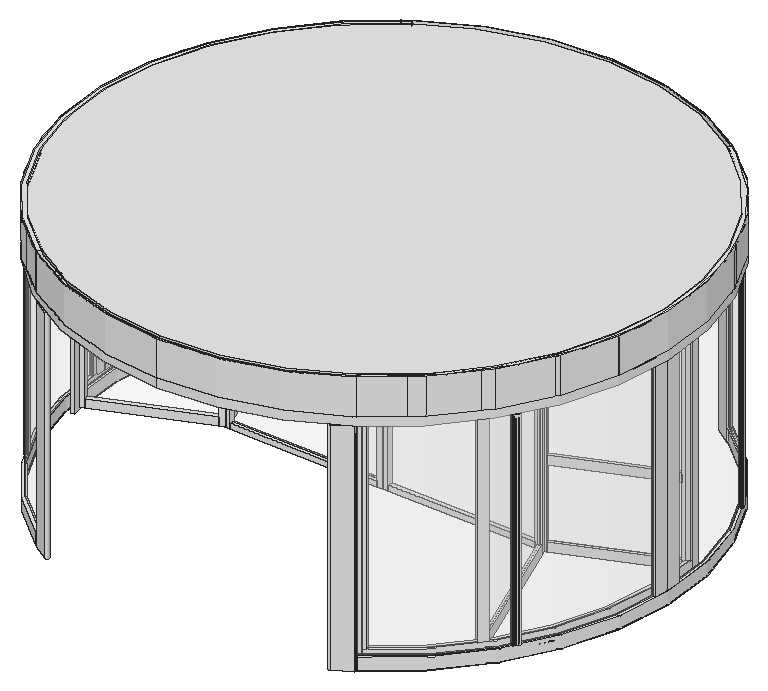
Revit family "Assa-Abloy_ Revolving_UniTurn", category Doors, host Wall, Revit 2019 (continued)
Forms (mm)
  Extrusion 47, solid, material "Besam-Glass Clear" <- "Door Glass Material"
    from 52 to 2117.1
  Sweep 48, solid, material "Besam-Anodized Aluminium" <- "Door Frame Material"
    path origin (-2708.486, -300, 800) x (-1, 0, 0) y (0, -1, 0)
      loop
        line (-184.16, 136.691) -> (-1139.182, -278.247)
    profile "Rec : Rec" origin (-2046.815, -229.222, 800) x (-0.398493, 0.917171, 0) y (0, 0, 1)
      loop
        line (-20, 80) -> (-20, 0) -> (20, 0) -> (20, 80) -> (-20, 80)
  Sweep 49, solid, material "Besam-Anodized Aluminium" <- "Door Frame Material"
    path origin (-2708.486, -300, 800) x (-1, 0, 0) y (0, -1, 0)
      loop
        line (-5230.342, -735.618) -> (-4264.411, -315.94)
    profile "Rec : Rec" origin (2038.89, 225.779, 800) x (0.398493, -0.917171, 0) y (0, 0, 1)
      loop
        line (-20, 80) -> (-20, 0) -> (20, 0) -> (20, 80) -> (-20, 80)
Lines and regions (mm)
  Opening 1
    outline origin (-5000, -24.05, 0) x (1, 0, 0) y (0, 0, 1)
      loop
        line (2259.975, 2540) -> (2259.975, 0) -> (7740.025, 0) -> (7740.025, 2540) -> (2259.975, 2540)
  reference lines
    curve 1: line (0, 0, 0) -> (-1519.238, 0, 0)
    curve 2: line (0, 0, 0) -> (1519.237, 0, 0)
    curve 4: line (0, 0, 0) -> (-2335.124, 1348.184, 0)
    curve 5: line (0, 0, 0) -> (-2696.369, 0, 0)
    curve 6: line (0, 0, 0) -> (-2335.124, -1348.184, 0)
    curve 7: line (0, 0, 0) -> (2696.369, 0, 0)
    curve 8: line (0, 0, 0) -> (2335.124, 1348.184, 0)
    curve 9: line (0, 0, 0) -> (2335.124, -1348.184, 0)
    curve 10: line (0, 0, 0) -> (-1398.804, -2305.158, 0)
    curve 11: line (0, 0, 0) -> (1398.804, 2305.158, 0)
    curve 12: line (0, 0, 0) -> (-1398.804, 2305.158, 0)
    curve 13: line (0, 0, 0) -> (1398.804, -2305.158, 0)
    curve 16: line (-1519.238, 0, 0) -> (0, 0, 0)
    curve 17: line (1519.237, 0, 0) -> (0, 0, 0)
    curve 18: line (0, 0, 0) -> (-1489.216, 2126.821, 0)
    curve 19: line (0, 0, 0) -> (-2556.924, -450.855, 0)
    curve 20: line (0, 0, 0) -> (-2126.821, 1489.216, 0)
    curve 21: line (-1519.238, 0, 0) -> (-2130.917, 1492.084, 0)
    curve 22: line (-2556.924, -450.855, 0) -> (-1519.238, 0, 0)
    curve 23: line (0, 0, 0) -> (2556.924, 450.855, 0)
    curve 24: line (0, 0, 0) -> (1489.216, -2126.821, 0)
    curve 25: line (0, 0, 0) -> (2126.821, -1489.216, 0)
    curve 26: line (2556.924, 450.855, 0) -> (1519.237, 0, 0)
    curve 27: line (1519.237, 0, 0) -> (2126.821, -1489.216, 0)
  sketch lines
    curve 3: arc (-1519.238, 2227.627, 124.377) -> (-2696.369, 0, 124.377) -> (-1519.238, -2227.627, 124.377) r 2696.369
    curve 14: arc (0, 2739.231, 2540) -> (2739.231, 0, 2540) -> (0, -2739.231, 2540) r 2739.231
    curve 15: arc (0, -2739.231, 2540) -> (-2739.231, 0, 2540) -> (0, 2739.231, 2540) r 2739.231
  symbolic lines
    curve 28: arc (0, 2739.231, 2540) -> (-2739.231, 0, 2540) -> (0, -2739.231, 2540) r 2739.231
    curve 29: arc (-1374.066, 2366.065, 2117.1) -> (-1453.387, 2318.326, 2117.1) -> (-1530.206, 2266.657, 2117.1) r 1840
    curve 30: arc (-1530.206, 2266.657, 2117.1) -> (-1534.758, 2259.775, 2117.1) -> (-1533.494, 2251.621, 2117.1) r 11.435
    curve 31: line (-1533.494, 2251.621, 2117.1) -> (-1526.698, 2242.171, 2117.1)
    curve 32: arc (-1526.698, 2242.171, 2117.1) -> (-1524.974, 2243.29, 2117.1) -> (-1523.248, 2244.408, 2117.1) r 1818
    curve 33: line (-1523.248, 2244.408, 2117.1) -> (-1517.695, 2236.686, 2117.1)
    curve 34: arc (-1517.695, 2236.686, 2117.1) -> (-1519.421, 2235.569, 2117.1) -> (-1521.145, 2234.45, 2117.1) r 1808.5
    curve 35: line (-1521.145, 2234.45, 2117.1) -> (-1516.167, 2227.527, 2117.1)
    curve 36: arc (-1516.167, 2227.527, 2117.1) -> (-1437.088, 2281.271, 2117.1) -> (-1355.267, 2330.741, 2117.1) r 1800
    curve 37: arc (-1355.267, 2330.741, 2117.1) -> (-1346.992, 2357.809, 2117.1) -> (-1374.066, 2366.065, 2117.1) r 20.008
    curve 38: line (-1543.835, 2263.694, 2484.289) -> (-1426.27, 2091.311, 2484.289)
    curve 39: arc (-1543.835, 2263.694, 2484.289) -> (-2740.025, 0, 2484.289) -> (-1543.835, -2263.694, 2484.289) r 2740.025
    curve 40: arc (-1426.27, 2091.311, 2484.289) -> (-2531.369, 0, 2484.289) -> (-1426.27, -2091.311, 2484.289) r 2531.369
    curve 41: line (-1543.835, -2263.694, 2484.289) -> (-1426.27, -2091.311, 2484.289)
    curve 42: line (-1541.775, 2260.673, 111.455) -> (-1519.238, 2227.627, 111.455)
    curve 43: arc (-1541.775, 2260.673, 111.455) -> (-2736.369, 0, 111.455) -> (-1541.775, -2260.673, 111.455) r 2736.369
    curve 44: line (-1541.775, -2260.673, 111.455) -> (-1519.238, -2227.627, 111.455)
    curve 45: arc (-1519.238, 2227.627, 111.455) -> (-2696.369, 0, 111.455) -> (-1519.238, -2227.627, 111.455) r 2696.369
    curve 301: arc (-1355.074, -2330.857, 2117.1) -> (-1436.895, -2281.388, 2117.1) -> (-1515.974, -2227.644, 2117.1) r 1800
    curve 302: line (-1515.974, -2227.644, 2117.1) -> (-1520.952, -2234.567, 2117.1)
    curve 303: arc (-1520.952, -2234.567, 2117.1) -> (-1519.228, -2235.686, 2117.1) -> (-1517.502, -2236.803, 2117.1) r 1808.5
    curve 304: line (-1517.502, -2236.803, 2117.1) -> (-1523.056, -2244.525, 2117.1)
    curve 305: arc (-1523.056, -2244.525, 2117.1) -> (-1524.781, -2243.407, 2117.1) -> (-1526.505, -2242.288, 2117.1) r 1818
    curve 306: line (-1526.505, -2242.288, 2117.1) -> (-1533.302, -2251.738, 2117.1)
    curve 307: arc (-1533.302, -2251.738, 2117.1) -> (-1534.566, -2259.892, 2117.1) -> (-1530.013, -2266.774, 2117.1) r 11.435
    curve 308: arc (-1530.013, -2266.774, 2117.1) -> (-1453.194, -2318.443, 2117.1) -> (-1373.873, -2366.182, 2117.1) r 1840
    curve 309: arc (-1373.873, -2366.182, 2117.1) -> (-1346.8, -2357.926, 2117.1) -> (-1355.074, -2330.857, 2117.1) r 20.008
    curve 310: arc (1516.167, -2227.527, 2117.1) -> (1437.088, -2281.271, 2117.1) -> (1355.267, -2330.741, 2117.1) r 1800
    curve 311: arc (1355.267, -2330.741, 2117.1) -> (1346.992, -2357.809, 2117.1) -> (1374.066, -2366.065, 2117.1) r 20.008
    curve 312: arc (1374.066, -2366.065, 2117.1) -> (1453.387, -2318.326, 2117.1) -> (1530.206, -2266.657, 2117.1) r 1840
    curve 313: arc (1530.206, -2266.657, 2117.1) -> (1534.758, -2259.775, 2117.1) -> (1533.494, -2251.621, 2117.1) r 11.435
    curve 314: line (1533.494, -2251.621, 2117.1) -> (1526.698, -2242.171, 2117.1)
    curve 315: arc (1526.698, -2242.171, 2117.1) -> (1524.974, -2243.29, 2117.1) -> (1523.248, -2244.408, 2117.1) r 1818
    curve 316: line (1523.248, -2244.408, 2117.1) -> (1517.695, -2236.686, 2117.1)
    curve 317: arc (1517.695, -2236.686, 2117.1) -> (1519.421, -2235.569, 2117.1) -> (1521.145, -2234.45, 2117.1) r 1808.5
    curve 318: line (1521.145, -2234.45, 2117.1) -> (1516.167, -2227.527, 2117.1)
    curve 323: line (1543.835, -2263.694, 2523.891) -> (1426.076, -2091.027, 2523.891)
    curve 324: arc (1543.835, -2263.694, 2523.891) -> (2740.025, 0, 2523.891) -> (1543.835, 2263.694, 2523.891) r 2740.025
    curve 325: arc (1426.076, -2091.027, 2523.891) -> (2531.025, 0, 2523.891) -> (1426.076, 2091.027, 2523.891) r 2531.025
    curve 326: line (1543.835, 2263.694, 2523.891) -> (1426.076, 2091.027, 2523.891)
    curve 577: arc (1530.206, 2266.657, 2117.1) -> (1453.387, 2318.326, 2117.1) -> (1374.066, 2366.065, 2117.1) r 1840
    curve 578: arc (1374.066, 2366.065, 2117.1) -> (1346.992, 2357.809, 2117.1) -> (1355.267, 2330.741, 2117.1) r 20.008
    curve 579: arc (1355.267, 2330.741, 2117.1) -> (1437.088, 2281.271, 2117.1) -> (1516.167, 2227.527, 2117.1) r 1800
    curve 580: line (1516.167, 2227.527, 2117.1) -> (1521.145, 2234.45, 2117.1)
    curve 581: arc (1521.145, 2234.45, 2117.1) -> (1519.421, 2235.569, 2117.1) -> (1517.695, 2236.686, 2117.1) r 1808.5
    curve 582: line (1517.695, 2236.686, 2117.1) -> (1523.248, 2244.408, 2117.1)
    curve 583: arc (1523.248, 2244.408, 2117.1) -> (1524.974, 2243.29, 2117.1) -> (1526.698, 2242.171, 2117.1) r 1818
    curve 584: line (1526.698, 2242.171, 2117.1) -> (1533.494, 2251.621, 2117.1)
    curve 585: arc (1533.494, 2251.621, 2117.1) -> (1534.758, 2259.775, 2117.1) -> (1530.206, 2266.657, 2117.1) r 11.435
    curve 733: arc (0, 2739.231, 2540) -> (2739.231, 0, 2540) -> (0, -2739.231, 2540) r 2739.231
    curve 735: line (1519.237, -2227.627, 111.495) -> (1541.775, -2260.673, 111.495)
    curve 736: arc (1541.775, 2260.673, 111.495) -> (2736.369, 0, 111.495) -> (1541.775, -2260.673, 111.495) r 2736.369
    curve 737: arc (1519.238, 2227.627, 111.495) -> (2696.369, 0, 111.495) -> (1519.237, -2227.627, 111.495) r 2696.369
    curve 738: line (1519.238, 2227.627, 111.495) -> (1541.775, 2260.673, 111.495)
  symbolic lines, detail levels fine
    curve 46: arc (-1526.606, 2244.371, 2132.1) -> (-2714.355, 0, 2132.1) -> (-1526.606, -2244.371, 2132.1) r 2714.355
    curve 47: line (-1526.606, -2244.371, 2132.1) -> (-1521.263, -2236.515, 2132.1)
    curve 48: arc (-1521.263, -2236.515, 2132.1) -> (-2704.855, 0, 2132.1) -> (-1521.263, 2236.515, 2132.1) r 2704.855
    curve 49: line (-1521.263, 2236.515, 2132.1) -> (-1526.606, 2244.371, 2132.1)
    curve 319: arc (1524.027, 2234.649, 2132.1) -> (2704.869, 0, 2132.1) -> (1524.027, -2234.649, 2132.1) r 2704.869
    curve 320: line (1524.027, -2234.649, 2132.1) -> (1529.379, -2242.498, 2132.1)
    curve 321: arc (1529.379, -2242.498, 2132.1) -> (2714.369, 0, 2132.1) -> (1529.379, 2242.498, 2132.1) r 2714.369
    curve 322: line (1529.379, 2242.498, 2132.1) -> (1524.027, 2234.649, 2132.1)
    curve 657: line (-1540.961, 60.899, 2117.1) -> (-2114.446, 1459.815, 2117.1)
    curve 658: line (-2114.446, 1459.815, 2117.1) -> (-2119.997, 1457.539, 2117.1)
    curve 659: line (-2119.997, 1457.539, 2117.1) -> (-1546.512, 58.623, 2117.1)
    curve 660: line (-1546.512, 58.623, 2117.1) -> (-1540.961, 60.899, 2117.1)
    curve 665: line (-2523.131, -439.443, 2117.1) -> (-1568.108, -24.504, 2117.1)
    curve 666: line (-1568.108, -24.504, 2117.1) -> (-1570.499, -19.001, 2117.1)
    curve 667: line (-1570.499, -19.001, 2117.1) -> (-2525.521, -433.94, 2117.1)
    curve 668: line (-2525.521, -433.94, 2117.1) -> (-2523.131, -439.443, 2117.1)
    curve 673: line (1557.12, 13.188, 2117.1) -> (2523.051, 432.867, 2117.1)
    curve 674: line (2523.051, 432.867, 2117.1) -> (2520.661, 438.37, 2117.1)
    curve 675: line (2520.661, 438.37, 2117.1) -> (1554.729, 18.691, 2117.1)
    curve 676: line (1554.729, 18.691, 2117.1) -> (1557.12, 13.188, 2117.1)
    curve 681: line (2112.636, -1446.507, 2117.1) -> (1544.686, -54.435, 2117.1)
    curve 682: line (1544.686, -54.435, 2117.1) -> (1539.131, -56.702, 2117.1)
    curve 683: line (1539.131, -56.702, 2117.1) -> (2107.081, -1448.774, 2117.1)
    curve 684: line (2107.081, -1448.774, 2117.1) -> (2112.636, -1446.507, 2117.1)
    curve 701: line (-52, 3, 2145.1) -> (-1467.237, 3, 2145.1)
    curve 702: line (-1467.237, 3, 2145.1) -> (-1467.237, -3, 2145.1)
    curve 703: line (-1467.237, -3, 2145.1) -> (-52, -3, 2145.1)
    curve 704: line (-52, -3, 2145.1) -> (-52, 3, 2145.1)
    curve 717: line (52, 3, 2145.1) -> (52, -3, 2145.1)
    curve 718: line (52, -3, 2145.1) -> (1467.237, -3, 2145.1)
    curve 719: line (1467.237, -3, 2145.1) -> (1467.237, 3, 2145.1)
    curve 720: line (1467.237, 3, 2145.1) -> (52, 3, 2145.1)
  symbolic lines, detail levels medium+fine
    curve 50: line (-2336.723, 1383.941, 2117.1) -> (-2354.386, 1394.346, 2117.1)
    curve 51: line (-2354.386, 1394.346, 2117.1) -> (-2384.839, 1342.648, 2117.1)
    curve 52: line (-2384.839, 1342.648, 2117.1) -> (-2367.175, 1332.244, 2117.1)
    curve 53: line (-2367.175, 1332.244, 2117.1) -> (-2366.262, 1333.795, 2117.1)
    curve 54: line (-2366.262, 1333.795, 2117.1) -> (-2369.708, 1335.825, 2117.1)
    curve 55: arc (-2369.708, 1335.825, 2117.1) -> (-2370.629, 1337.047, 2117.1) -> (-2370.416, 1338.563, 2117.1) r 2
    curve 56: line (-2370.416, 1338.563, 2117.1) -> (-2369.807, 1339.597, 2117.1)
    curve 57: arc (-2369.807, 1339.597, 2117.1) -> (-2369.238, 1341.192, 2117.1) -> (-2369.298, 1342.886, 2117.1) r 4.5
    curve 58: arc (-2369.298, 1342.886, 2117.1) -> (-2369.869, 1343.577, 2117.1) -> (-2370.765, 1343.533, 2117.1) r 1
    curve 59: arc (-2370.765, 1343.533, 2117.1) -> (-2371.061, 1343.142, 2117.1) -> (-2370.994, 1342.657, 2117.1) r 0.64
    curve 60: arc (-2370.994, 1342.657, 2117.1) -> (-2372.082, 1339.585, 2117.1) -> (-2375.342, 1339.624, 2117.1) r 2.8
    curve 61: arc (-2375.342, 1339.624, 2117.1) -> (-2376.484, 1341.905, 2117.1) -> (-2375.303, 1344.166, 2117.1) r 2.8
    curve 62: arc (-2375.303, 1344.166, 2117.1) -> (-2374.824, 1344.439, 2117.1) -> (-2374.3, 1344.613, 2117.1) r 2.8
    curve 63: arc (-2374.3, 1344.613, 2117.1) -> (-2373.824, 1344.833, 2117.1) -> (-2373.659, 1345.33, 2117.1) r 0.661
    curve 64: arc (-2373.659, 1345.33, 2117.1) -> (-2374.089, 1346.068, 2117.1) -> (-2374.933, 1346.204, 2117.1) r 1
    curve 65: arc (-2374.933, 1346.204, 2117.1) -> (-2376.443, 1345.437, 2117.1) -> (-2377.562, 1344.165, 2117.1) r 4.5
    curve 66: arc (-2377.562, 1344.165, 2117.1) -> (-2379.958, 1343.545, 2117.1) -> (-2380.578, 1345.941, 2117.1) r 1.75
    curve 67: line (-2380.578, 1345.941, 2117.1) -> (-2371.949, 1360.589, 2117.1)
    curve 68: arc (-2371.949, 1360.589, 2117.1) -> (-2370.116, 1361.971, 2117.1) -> (-2367.842, 1361.651, 2117.1) r 3
    curve 69: line (-2367.842, 1361.651, 2117.1) -> (-2341.989, 1346.423, 2117.1)
    curve 70: line (-2341.989, 1346.423, 2117.1) -> (-2341.333, 1347.575, 2117.1)
    curve 71: line (-2341.333, 1347.575, 2117.1) -> (-2341.933, 1351.382, 2117.1)
    curve 72: line (-2341.933, 1351.382, 2117.1) -> (-2344.549, 1352.922, 2117.1)
    curve 73: arc (-2344.549, 1352.922, 2117.1) -> (-2344.928, 1352.975, 2117.1) -> (-2345.234, 1352.745, 2117.1) r 0.5
    curve 74: arc (-2345.234, 1352.745, 2117.1) -> (-2345.287, 1352.366, 2117.1) -> (-2345.057, 1352.061, 2117.1) r 0.5
    curve 75: line (-2345.057, 1352.061, 2117.1) -> (-2344.109, 1351.502, 2117.1)
    curve 76: arc (-2344.109, 1351.502, 2117.1) -> (-2343.879, 1351.197, 2117.1) -> (-2343.932, 1350.818, 2117.1) r 0.5
    curve 77: line (-2343.932, 1350.818, 2117.1) -> (-2344.338, 1350.128, 2117.1)
    curve 78: arc (-2344.338, 1350.128, 2117.1) -> (-2344.644, 1349.897, 2117.1) -> (-2345.023, 1349.951, 2117.1) r 0.5
    curve 79: line (-2345.023, 1349.951, 2117.1) -> (-2348.986, 1352.285, 2117.1)
    curve 80: arc (-2348.986, 1352.285, 2117.1) -> (-2349.447, 1352.897, 2117.1) -> (-2349.34, 1353.655, 2117.1) r 1
    curve 81: line (-2349.34, 1353.655, 2117.1) -> (-2346.803, 1357.963, 2117.1)
    curve 82: arc (-2346.803, 1357.963, 2117.1) -> (-2346.192, 1358.423, 2117.1) -> (-2345.434, 1358.317, 2117.1) r 1
    curve 83: line (-2345.434, 1358.317, 2117.1) -> (-2337.679, 1353.749, 2117.1)
    curve 84: line (-2337.679, 1353.749, 2117.1) -> (-2336.918, 1355.041, 2117.1)
    curve 85: line (-2336.918, 1355.041, 2117.1) -> (-2347.355, 1361.189, 2117.1)
    curve 86: line (-2347.355, 1361.189, 2117.1) -> (-2349.189, 1360.152, 2117.1)
    curve 87: arc (-2349.189, 1360.152, 2117.1) -> (-2349.616, 1359.674, 2117.1) -> (-2349.666, 1359.035, 2117.1) r 1
    curve 88: arc (-2349.666, 1359.035, 2117.1) -> (-2350.861, 1355.994, 2117.1) -> (-2354.125, 1356.156, 2117.1) r 2.8
    curve 89: arc (-2354.125, 1356.156, 2117.1) -> (-2355.12, 1358.923, 2117.1) -> (-2353.093, 1361.054, 2117.1) r 2.8
    curve 90: arc (-2353.093, 1361.054, 2117.1) -> (-2352.558, 1361.407, 2117.1) -> (-2352.348, 1362.012, 2117.1) r 1
    curve 91: line (-2352.348, 1362.012, 2117.1) -> (-2352.329, 1364.12, 2117.1)
    curve 92: line (-2352.329, 1364.12, 2117.1) -> (-2355.971, 1366.265, 2117.1)
    curve 93: line (-2355.971, 1366.265, 2117.1) -> (-2357.805, 1365.227, 2117.1)
    curve 94: arc (-2357.805, 1365.227, 2117.1) -> (-2358.232, 1364.749, 2117.1) -> (-2358.282, 1364.111, 2117.1) r 1
    curve 95: arc (-2358.282, 1364.111, 2117.1) -> (-2359.348, 1361.158, 2117.1) -> (-2362.484, 1361.05, 2117.1) r 2.8
    curve 96: arc (-2362.484, 1361.05, 2117.1) -> (-2363.764, 1363.844, 2117.1) -> (-2361.709, 1366.129, 2117.1) r 2.8
    curve 97: arc (-2361.709, 1366.129, 2117.1) -> (-2361.175, 1366.482, 2117.1) -> (-2360.964, 1367.088, 2117.1) r 1
    curve 98: line (-2360.964, 1367.088, 2117.1) -> (-2360.946, 1369.195, 2117.1)
    curve 99: line (-2360.946, 1369.195, 2117.1) -> (-2362.767, 1370.268, 2117.1)
    curve 100: arc (-2362.767, 1370.268, 2117.1) -> (-2364.148, 1372.101, 2117.1) -> (-2363.829, 1374.375, 2117.1) r 3
    curve 101: line (-2363.829, 1374.375, 2117.1) -> (-2355.201, 1389.023, 2117.1)
    curve 102: arc (-2355.201, 1389.023, 2117.1) -> (-2352.805, 1389.642, 2117.1) -> (-2352.185, 1387.246, 2117.1) r 1.75
    curve 103: arc (-2352.185, 1387.246, 2117.1) -> (-2352.755, 1385.651, 2117.1) -> (-2352.694, 1383.958, 2117.1) r 4.5
    curve 104: arc (-2352.694, 1383.958, 2117.1) -> (-2352.137, 1383.273, 2117.1) -> (-2351.255, 1383.296, 2117.1) r 1
    curve 105: arc (-2351.255, 1383.296, 2117.1) -> (-2350.939, 1383.712, 2117.1) -> (-2351.01, 1384.231, 2117.1) r 0.683
    curve 106: arc (-2351.01, 1384.231, 2117.1) -> (-2351.099, 1384.747, 2117.1) -> (-2351.091, 1385.27, 2117.1) r 2.8
    curve 107: arc (-2351.091, 1385.27, 2117.1) -> (-2349.433, 1387.527, 2117.1) -> (-2346.65, 1387.219, 2117.1) r 2.8
    curve 108: arc (-2346.65, 1387.219, 2117.1) -> (-2345.508, 1384.937, 2117.1) -> (-2346.69, 1382.677, 2117.1) r 2.8
    curve 109: arc (-2346.69, 1382.677, 2117.1) -> (-2347.147, 1382.415, 2117.1) -> (-2347.644, 1382.242, 2117.1) r 2.8
    curve 110: arc (-2347.644, 1382.242, 2117.1) -> (-2348.128, 1382.076, 2117.1) -> (-2348.337, 1381.608, 2117.1) r 0.641
    curve 111: arc (-2348.337, 1381.608, 2117.1) -> (-2347.942, 1380.803, 2117.1) -> (-2347.06, 1380.639, 2117.1) r 1
    curve 112: arc (-2347.06, 1380.639, 2117.1) -> (-2345.549, 1381.407, 2117.1) -> (-2344.43, 1382.679, 2117.1) r 4.5
    curve 113: line (-2344.43, 1382.679, 2117.1) -> (-2343.821, 1383.712, 2117.1)
    curve 114: arc (-2343.821, 1383.712, 2117.1) -> (-2342.599, 1384.634, 2117.1) -> (-2341.083, 1384.421, 2117.1) r 2
    curve 115: line (-2341.083, 1384.421, 2117.1) -> (-2337.636, 1382.391, 2117.1)
    curve 116: line (-2337.636, 1382.391, 2117.1) -> (-2336.723, 1383.941, 2117.1)
    curve 117: line (-2350.351, 1322.334, 2117.1) -> (-2319.897, 1374.035, 2117.1)
    curve 118: line (-2319.897, 1374.035, 2117.1) -> (-2322.069, 1375.272, 2117.1)
    curve 119: line (-2322.069, 1375.272, 2117.1) -> (-2323.324, 1373.142, 2117.1)
    curve 120: line (-2323.324, 1373.142, 2117.1) -> (-2322.455, 1372.647, 2117.1)
    curve 121: line (-2322.455, 1372.647, 2117.1) -> (-2322.968, 1371.777, 2117.1)
    curve 122: line (-2322.968, 1371.777, 2117.1) -> (-2324.708, 1370.792, 2117.1)
    curve 123: line (-2324.708, 1370.792, 2117.1) -> (-2324.944, 1369.407, 2117.1)
    curve 124: line (-2324.944, 1369.407, 2117.1) -> (-2335.985, 1350.662, 2117.1)
    curve 125: arc (-2335.985, 1350.662, 2117.1) -> (-2336.597, 1350.202, 2117.1) -> (-2337.355, 1350.308, 2117.1) r 1
    curve 126: line (-2337.355, 1350.308, 2117.1) -> (-2344.42, 1354.47, 2117.1)
    curve 127: arc (-2344.42, 1354.47, 2117.1) -> (-2345.274, 1354.546, 2117.1) -> (-2345.873, 1353.933, 2117.1) r 1
    curve 128: line (-2345.873, 1353.933, 2117.1) -> (-2337.964, 1349.274, 2117.1)
    curve 129: arc (-2337.964, 1349.274, 2117.1) -> (-2337.503, 1348.663, 2117.1) -> (-2337.61, 1347.905, 2117.1) r 1
    curve 130: line (-2337.61, 1347.905, 2117.1) -> (-2348.775, 1328.949, 2117.1)
    curve 131: line (-2348.775, 1328.949, 2117.1) -> (-2349.85, 1328.111, 2117.1)
    curve 132: line (-2349.85, 1328.111, 2117.1) -> (-2349.867, 1326.111, 2117.1)
    curve 133: line (-2349.867, 1326.111, 2117.1) -> (-2350.375, 1325.249, 2117.1)
    curve 134: line (-2350.375, 1325.249, 2117.1) -> (-2351.236, 1325.757, 2117.1)
    curve 135: line (-2351.236, 1325.757, 2117.1) -> (-2352.505, 1323.602, 2117.1)
    curve 136: line (-2352.505, 1323.602, 2117.1) -> (-2350.351, 1322.334, 2117.1)
    curve 137: arc (-2685.849, 116.242, 2117.1) -> (-2687.947, 58.486, 2117.1) -> (-2688.658, 0.697, 2117.1) r 2407.288
    curve 138: line (-2685.849, 116.242, 2117.1) -> (-2687.382, 116.316, 2117.1)
    curve 139: line (-2687.382, 116.316, 2117.1) -> (-2688.065, 107.813, 2117.1)
    curve 140: line (-2688.065, 107.813, 2117.1) -> (-2692.172, 108.012, 2117.1)
    curve 141: line (-2692.172, 108.012, 2117.1) -> (-2691.76, 116.528, 2117.1)
    curve 142: line (-2691.76, 116.528, 2117.1) -> (-2718.059, 117.799, 2117.1)
    curve 143: line (-2718.059, 117.799, 2117.1) -> (-2718.17, 115.495, 2117.1)
    curve 144: line (-2718.17, 115.495, 2117.1) -> (-2723.88, 115.771, 2117.1)
    curve 145: line (-2723.88, 115.771, 2117.1) -> (-2722.95, 134.103, 2117.1)
    curve 146: line (-2722.95, 134.103, 2117.1) -> (-2704.806, 133.226, 2117.1)
    curve 147: line (-2704.806, 133.226, 2117.1) -> (-2704.709, 135.23, 2117.1)
    curve 148: line (-2704.709, 135.23, 2117.1) -> (-2724.986, 136.21, 2117.1)
    curve 149: arc (-2728.779, 0.697, 2117.1) -> (-2727.821, 68.48, 2117.1) -> (-2724.986, 136.21, 2117.1) r 2447.41
    curve 150: line (-2724.986, -136.21, 2117.1) -> (-2704.709, -135.23, 2117.1)
    curve 151: line (-2704.709, -135.23, 2117.1) -> (-2704.806, -133.226, 2117.1)
    curve 152: line (-2704.806, -133.226, 2117.1) -> (-2720.951, -134.006, 2117.1)
    curve 153: arc (-2723.051, -132.111, 2117.1) -> (-2722.392, -133.492, 2117.1) -> (-2720.951, -134.006, 2117.1) r 2.006
    curve 154: line (-2723.051, -132.111, 2117.1) -> (-2723.88, -115.771, 2117.1)
    curve 155: line (-2723.88, -115.771, 2117.1) -> (-2718.17, -115.495, 2117.1)
    curve 156: line (-2718.17, -115.495, 2117.1) -> (-2718.059, -117.799, 2117.1)
    curve 157: line (-2718.059, -117.799, 2117.1) -> (-2692.562, -116.567, 2117.1)
    curve 158: line (-2692.562, -116.567, 2117.1) -> (-2691.799, -115.726, 2117.1)
    curve 159: line (-2691.799, -115.726, 2117.1) -> (-2692.007, -111.418, 2117.1)
    curve 160: line (-2692.007, -111.418, 2117.1) -> (-2690.673, -109.948, 2117.1)
    curve 161: line (-2690.673, -109.948, 2117.1) -> (-2690.77, -107.944, 2117.1)
    curve 162: line (-2690.77, -107.944, 2117.1) -> (-2688.064, -107.813, 2117.1)
    curve 163: line (-2688.064, -107.813, 2117.1) -> (-2687.382, -116.324, 2117.1)
    curve 164: line (-2687.382, -116.324, 2117.1) -> (-2685.845, -116.324, 2117.1)
    curve 165: arc (-2688.658, -0.697, 2117.1) -> (-2687.946, -58.527, 2117.1) -> (-2685.845, -116.324, 2117.1) r 2407.288
    curve 166: line (-2687.919, 116.936, 2117.1) -> (-2685.749, 116.791, 2117.1)
    curve 167: line (-2685.749, 116.791, 2117.1) -> (-2684.681, 134.058, 2117.1)
    curve 168: line (-2684.681, 134.058, 2117.1) -> (-2686.969, 134.241, 2117.1)
    curve 169: line (-2686.969, 134.241, 2117.1) -> (-2687.874, 119.613, 2117.1)
    curve 170: line (-2687.874, 119.613, 2117.1) -> (-2689.551, 119.725, 2117.1)
    curve 171: line (-2689.551, 119.725, 2117.1) -> (-2690.253, 108.386, 2117.1)
    curve 172: line (-2690.253, 108.386, 2117.1) -> (-2689.121, 108.235, 2117.1)
    curve 173: line (-2689.121, 108.235, 2117.1) -> (-2688.559, 113.313, 2117.1)
    curve 174: line (-2688.559, 113.313, 2117.1) -> (-2687.919, 116.936, 2117.1)
    curve 175: line (-2720.755, 3.009, 2117.1) -> (-2696.682, 3.009, 2117.1)
    curve 176: line (-2696.682, 3.009, 2117.1) -> (-2694.676, 5.015, 2117.1)
    curve 177: line (-2694.676, 5.015, 2117.1) -> (-2691.667, 5.015, 2117.1)
    curve 178: line (-2691.667, 5.015, 2117.1) -> (-2691.667, 2.006, 2117.1)
    curve 179: line (-2691.667, 2.006, 2117.1) -> (-2692.67, 2.006, 2117.1)
    curve 180: line (-2692.67, 2.006, 2117.1) -> (-2692.67, 1.003, 2117.1)
    curve 181: line (-2692.67, 1.003, 2117.1) -> (-2691.546, 0, 2117.1)
    curve 182: line (-2691.546, 0, 2117.1) -> (-2692.67, -1.003, 2117.1)
    curve 183: line (-2692.67, -1.003, 2117.1) -> (-2692.67, -2.006, 2117.1)
    curve 184: line (-2692.67, -2.006, 2117.1) -> (-2691.667, -2.006, 2117.1)
    curve 185: line (-2691.667, -2.006, 2117.1) -> (-2691.667, -5.015, 2117.1)
    curve 186: line (-2691.667, -5.015, 2117.1) -> (-2694.676, -5.015, 2117.1)
    curve 187: line (-2694.676, -5.015, 2117.1) -> (-2696.682, -3.009, 2117.1)
    curve 188: line (-2696.682, -3.009, 2117.1) -> (-2720.755, -3.009, 2117.1)
    curve 189: line (-2720.755, -3.009, 2117.1) -> (-2722.761, -5.015, 2117.1)
    curve 190: line (-2722.761, -5.015, 2117.1) -> (-2725.77, -5.015, 2117.1)
    curve 191: line (-2725.77, -5.015, 2117.1) -> (-2725.77, -2.006, 2117.1)
    curve 192: line (-2725.77, -2.006, 2117.1) -> (-2724.767, -2.006, 2117.1)
    curve 193: line (-2724.767, -2.006, 2117.1) -> (-2724.767, -1.003, 2117.1)
    curve 194: line (-2724.767, -1.003, 2117.1) -> (-2725.682, 0, 2117.1)
    curve 195: line (-2725.682, 0, 2117.1) -> (-2724.767, 1.003, 2117.1)
    curve 196: line (-2724.767, 1.003, 2117.1) -> (-2724.767, 2.006, 2117.1)
    curve 197: line (-2724.767, 2.006, 2117.1) -> (-2725.77, 2.006, 2117.1)
    curve 198: line (-2725.77, 2.006, 2117.1) -> (-2725.77, 5.015, 2117.1)
    curve 199: line (-2725.77, 5.015, 2117.1) -> (-2722.761, 5.015, 2117.1)
    curve 200: line (-2722.761, 5.015, 2117.1) -> (-2720.755, 3.009, 2117.1)
    curve 201: arc (-2728.75, -0.697, 2117.1) -> (-2728.546, -0.204, 2117.1) -> (-2728.053, 0, 2117.1) r 0.697
    curve 202: arc (-2728.053, 0, 2117.1) -> (-2728.546, 0.204, 2117.1) -> (-2728.75, 0.697, 2117.1) r 0.697
    curve 203: arc (-2688.658, 0.697, 2117.1) -> (-2688.862, 0.204, 2117.1) -> (-2689.354, 0, 2117.1) r 0.697
    curve 204: arc (-2689.354, 0, 2117.1) -> (-2688.862, -0.204, 2117.1) -> (-2688.658, -0.697, 2117.1) r 0.697
    curve 205: line (-2684.681, -134.058, 2117.1) -> (-2685.749, -116.791, 2117.1)
    curve 206: line (-2685.749, -116.791, 2117.1) -> (-2687.919, -116.936, 2117.1)
    curve 207: line (-2687.919, -116.936, 2117.1) -> (-2688.559, -113.313, 2117.1)
    curve 208: line (-2688.559, -113.313, 2117.1) -> (-2689.121, -108.235, 2117.1)
    curve 209: line (-2689.121, -108.235, 2117.1) -> (-2690.253, -108.386, 2117.1)
    curve 210: line (-2690.253, -108.386, 2117.1) -> (-2689.551, -119.725, 2117.1)
    curve 211: line (-2689.551, -119.725, 2117.1) -> (-2687.874, -119.613, 2117.1)
    curve 212: line (-2687.874, -119.613, 2117.1) -> (-2686.969, -134.241, 2117.1)
    curve 213: line (-2686.969, -134.241, 2117.1) -> (-2684.681, -134.058, 2117.1)
    curve 214: line (-2348.598, -1328.126, 2117.1) -> (-2337.999, -1347.124, 2117.1)
    curve 215: arc (-2337.999, -1347.124, 2117.1) -> (-2337.91, -1347.884, 2117.1) -> (-2338.385, -1348.484, 2117.1) r 1
    curve 216: line (-2338.385, -1348.484, 2117.1) -> (-2345.546, -1352.479, 2117.1)
    curve 217: arc (-2345.546, -1352.479, 2117.1) -> (-2346.043, -1353.178, 2117.1) -> (-2345.817, -1354.005, 2117.1) r 1
    curve 218: line (-2345.817, -1354.005, 2117.1) -> (-2337.801, -1349.532, 2117.1)
    curve 219: arc (-2337.801, -1349.532, 2117.1) -> (-2337.04, -1349.444, 2117.1) -> (-2336.44, -1349.918, 2117.1) r 1
    curve 220: line (-2336.44, -1349.918, 2117.1) -> (-2325.721, -1369.131, 2117.1)
    curve 221: line (-2325.721, -1369.131, 2117.1) -> (-2325.54, -1370.481, 2117.1)
    curve 222: line (-2325.54, -1370.481, 2117.1) -> (-2323.823, -1371.507, 2117.1)
    curve 223: line (-2323.823, -1371.507, 2117.1) -> (-2323.336, -1372.38, 2117.1)
    curve 224: line (-2323.336, -1372.38, 2117.1) -> (-2324.209, -1372.867, 2117.1)
    curve 225: line (-2324.209, -1372.867, 2117.1) -> (-2322.991, -1375.051, 2117.1)
    curve 226: line (-2322.991, -1375.051, 2117.1) -> (-2320.808, -1373.833, 2117.1)
    curve 227: line (-2320.808, -1373.833, 2117.1) -> (-2350.043, -1321.432, 2117.1)
    curve 228: line (-2350.043, -1321.432, 2117.1) -> (-2352.208, -1322.682, 2117.1)
    curve 229: line (-2352.208, -1322.682, 2117.1) -> (-2351.004, -1324.84, 2117.1)
    curve 230: line (-2351.004, -1324.84, 2117.1) -> (-2350.137, -1324.34, 2117.1)
    curve 231: line (-2350.137, -1324.34, 2117.1) -> (-2349.645, -1325.223, 2117.1)
    curve 232: line (-2349.645, -1325.223, 2117.1) -> (-2349.675, -1327.222, 2117.1)
    curve 233: line (-2349.675, -1327.222, 2117.1) -> (-2348.598, -1328.126, 2117.1)
    curve 234: line (-2369.708, -1334.469, 2117.1) -> (-2366.215, -1332.52, 2117.1)
    curve 235: line (-2366.215, -1332.52, 2117.1) -> (-2367.092, -1330.949, 2117.1)
    curve 236: line (-2367.092, -1330.949, 2117.1) -> (-2384.994, -1340.936, 2117.1)
    curve 237: line (-2384.994, -1340.936, 2117.1) -> (-2355.762, -1393.333, 2117.1)
    curve 238: line (-2355.762, -1393.333, 2117.1) -> (-2337.86, -1383.346, 2117.1)
    curve 239: line (-2337.86, -1383.346, 2117.1) -> (-2338.737, -1381.774, 2117.1)
    curve 240: line (-2338.737, -1381.774, 2117.1) -> (-2342.23, -1383.723, 2117.1)
    curve 241: arc (-2342.23, -1383.723, 2117.1) -> (-2343.75, -1383.9, 2117.1) -> (-2344.951, -1382.95, 2117.1) r 2
    curve 242: line (-2344.951, -1382.95, 2117.1) -> (-2345.535, -1381.902, 2117.1)
    curve 243: arc (-2345.535, -1381.902, 2117.1) -> (-2346.624, -1380.605, 2117.1) -> (-2348.116, -1379.802, 2117.1) r 4.5
    curve 244: arc (-2348.116, -1379.802, 2117.1) -> (-2349.002, -1379.945, 2117.1) -> (-2349.416, -1380.741, 2117.1) r 1
    curve 245: arc (-2349.416, -1380.741, 2117.1) -> (-2349.228, -1381.194, 2117.1) -> (-2348.776, -1381.381, 2117.1) r 0.64
    curve 246: arc (-2348.776, -1381.381, 2117.1) -> (-2346.674, -1383.872, 2117.1) -> (-2348.354, -1386.665, 2117.1) r 2.8
    curve 247: arc (-2348.354, -1386.665, 2117.1) -> (-2350.9, -1386.499, 2117.1) -> (-2352.255, -1384.337, 2117.1) r 2.8
    curve 248: arc (-2352.255, -1384.337, 2117.1) -> (-2352.248, -1383.786, 2117.1) -> (-2352.133, -1383.246, 2117.1) r 2.8
    curve 249: arc (-2352.133, -1383.246, 2117.1) -> (-2352.083, -1382.724, 2117.1) -> (-2352.429, -1382.33, 2117.1) r 0.661
    curve 250: arc (-2352.429, -1382.33, 2117.1) -> (-2353.283, -1382.329, 2117.1) -> (-2353.827, -1382.988, 2117.1) r 1
    curve 251: arc (-2353.827, -1382.988, 2117.1) -> (-2353.927, -1384.679, 2117.1) -> (-2353.395, -1386.287, 2117.1) r 4.5
    curve 252: arc (-2353.395, -1386.287, 2117.1) -> (-2354.071, -1388.668, 2117.1) -> (-2356.451, -1387.993, 2117.1) r 1.75
    curve 253: line (-2356.451, -1387.993, 2117.1) -> (-2364.734, -1373.147, 2117.1)
    curve 254: arc (-2364.734, -1373.147, 2117.1) -> (-2365, -1370.866, 2117.1) -> (-2363.576, -1369.065, 2117.1) r 3
    curve 255: line (-2363.576, -1369.065, 2117.1) -> (-2337.373, -1354.447, 2117.1)
    curve 256: line (-2337.373, -1354.447, 2117.1) -> (-2338.036, -1353.298, 2117.1)
    curve 257: line (-2338.036, -1353.298, 2117.1) -> (-2341.625, -1351.893, 2117.1)
    curve 258: line (-2341.625, -1351.893, 2117.1) -> (-2344.276, -1353.373, 2117.1)
    curve 259: arc (-2344.276, -1353.373, 2117.1) -> (-2344.513, -1353.673, 2117.1) -> (-2344.469, -1354.053, 2117.1) r 0.5
    curve 260: arc (-2344.469, -1354.053, 2117.1) -> (-2344.168, -1354.291, 2117.1) -> (-2343.788, -1354.246, 2117.1) r 0.5
    curve 261: line (-2343.788, -1354.246, 2117.1) -> (-2342.828, -1353.71, 2117.1)
    curve 262: arc (-2342.828, -1353.71, 2117.1) -> (-2342.448, -1353.666, 2117.1) -> (-2342.148, -1353.903, 2117.1) r 0.5
    curve 263: line (-2342.148, -1353.903, 2117.1) -> (-2341.757, -1354.603, 2117.1)
    curve 264: arc (-2341.757, -1354.603, 2117.1) -> (-2341.713, -1354.983, 2117.1) -> (-2341.95, -1355.283, 2117.1) r 0.5
    curve 265: line (-2341.95, -1355.283, 2117.1) -> (-2345.968, -1357.524, 2117.1)
    curve 266: arc (-2345.968, -1357.524, 2117.1) -> (-2346.728, -1357.613, 2117.1) -> (-2347.328, -1357.138, 2117.1) r 1
    curve 267: line (-2347.328, -1357.138, 2117.1) -> (-2349.764, -1352.771, 2117.1)
    curve 268: arc (-2349.764, -1352.771, 2117.1) -> (-2349.853, -1352.011, 2117.1) -> (-2349.378, -1351.411, 2117.1) r 1
    curve 269: line (-2349.378, -1351.411, 2117.1) -> (-2341.518, -1347.026, 2117.1)
    curve 270: line (-2341.518, -1347.026, 2117.1) -> (-2342.249, -1345.716, 2117.1)
    curve 271: line (-2342.249, -1345.716, 2117.1) -> (-2352.828, -1351.618, 2117.1)
    curve 272: line (-2352.828, -1351.618, 2117.1) -> (-2352.859, -1353.725, 2117.1)
    curve 273: arc (-2352.859, -1353.725, 2117.1) -> (-2352.662, -1354.335, 2117.1) -> (-2352.136, -1354.701, 2117.1) r 1
    curve 274: arc (-2352.136, -1354.701, 2117.1) -> (-2350.115, -1357.268, 2117.1) -> (-2351.904, -1360.003, 2117.1) r 2.8
    curve 275: arc (-2351.904, -1360.003, 2117.1) -> (-2354.795, -1359.464, 2117.1) -> (-2355.61, -1356.638, 2117.1) r 2.8
    curve 276: arc (-2355.61, -1356.638, 2117.1) -> (-2355.644, -1355.999, 2117.1) -> (-2356.06, -1355.511, 2117.1) r 1
    curve 277: line (-2356.06, -1355.511, 2117.1) -> (-2357.87, -1354.431, 2117.1)
    curve 278: line (-2357.87, -1354.431, 2117.1) -> (-2361.56, -1356.49, 2117.1)
    curve 279: line (-2361.56, -1356.49, 2117.1) -> (-2361.591, -1358.597, 2117.1)
    curve 280: arc (-2361.591, -1358.597, 2117.1) -> (-2361.395, -1359.207, 2117.1) -> (-2360.869, -1359.573, 2117.1) r 1
    curve 281: arc (-2360.869, -1359.573, 2117.1) -> (-2358.859, -1361.984, 2117.1) -> (-2360.35, -1364.745, 2117.1) r 2.8
    curve 282: arc (-2360.35, -1364.745, 2117.1) -> (-2363.408, -1364.438, 2117.1) -> (-2364.342, -1361.511, 2117.1) r 2.8
    curve 283: arc (-2364.342, -1361.511, 2117.1) -> (-2364.377, -1360.871, 2117.1) -> (-2364.793, -1360.383, 2117.1) r 1
    curve 284: line (-2364.793, -1360.383, 2117.1) -> (-2366.602, -1359.303, 2117.1)
    curve 285: line (-2366.602, -1359.303, 2117.1) -> (-2368.448, -1360.332, 2117.1)
    curve 286: arc (-2368.448, -1360.332, 2117.1) -> (-2370.728, -1360.599, 2117.1) -> (-2372.529, -1359.174, 2117.1) r 3
    curve 287: line (-2372.529, -1359.174, 2117.1) -> (-2380.812, -1344.328, 2117.1)
    curve 288: arc (-2380.812, -1344.328, 2117.1) -> (-2380.136, -1341.947, 2117.1) -> (-2377.755, -1342.623, 2117.1) r 1.75
    curve 289: arc (-2377.755, -1342.623, 2117.1) -> (-2376.666, -1343.921, 2117.1) -> (-2375.175, -1344.724, 2117.1) r 4.5
    curve 290: arc (-2375.175, -1344.724, 2117.1) -> (-2374.302, -1344.589, 2117.1) -> (-2373.876, -1343.816, 2117.1) r 1
    curve 291: arc (-2373.876, -1343.816, 2117.1) -> (-2374.076, -1343.333, 2117.1) -> (-2374.559, -1343.133, 2117.1) r 0.683
    curve 292: arc (-2374.559, -1343.133, 2117.1) -> (-2375.05, -1342.949, 2117.1) -> (-2375.497, -1342.677, 2117.1) r 2.8
    curve 293: arc (-2375.497, -1342.677, 2117.1) -> (-2376.607, -1340.106, 2117.1) -> (-2374.935, -1337.86, 2117.1) r 2.8
    curve 294: arc (-2374.935, -1337.86, 2117.1) -> (-2372.39, -1338.027, 2117.1) -> (-2371.036, -1340.189, 2117.1) r 2.8
    curve 295: arc (-2371.036, -1340.189, 2117.1) -> (-2371.04, -1340.716, 2117.1) -> (-2371.143, -1341.232, 2117.1) r 2.8
    curve 296: arc (-2371.143, -1341.232, 2117.1) -> (-2371.244, -1341.734, 2117.1) -> (-2370.946, -1342.15, 2117.1) r 0.641
    curve 297: arc (-2370.946, -1342.15, 2117.1) -> (-2370.051, -1342.216, 2117.1) -> (-2369.464, -1341.538, 2117.1) r 1
    curve 298: arc (-2369.464, -1341.538, 2117.1) -> (-2369.364, -1339.847, 2117.1) -> (-2369.896, -1338.238, 2117.1) r 4.5
    curve 299: line (-2369.896, -1338.238, 2117.1) -> (-2370.48, -1337.19, 2117.1)
    curve 300: arc (-2370.48, -1337.19, 2117.1) -> (-2370.658, -1335.67, 2117.1) -> (-2369.708, -1334.469, 2117.1) r 2
    curve 327: line (2352.828, -1351.618, 2117.1) -> (2342.249, -1345.716, 2117.1)
    curve 328: line (2342.249, -1345.716, 2117.1) -> (2341.518, -1347.026, 2117.1)
    curve 329: line (2341.518, -1347.026, 2117.1) -> (2349.378, -1351.411, 2117.1)
    curve 330: arc (2349.378, -1351.411, 2117.1) -> (2349.853, -1352.011, 2117.1) -> (2349.764, -1352.771, 2117.1) r 1
    curve 331: line (2349.764, -1352.771, 2117.1) -> (2347.328, -1357.138, 2117.1)
    curve 332: arc (2347.328, -1357.138, 2117.1) -> (2346.728, -1357.613, 2117.1) -> (2345.968, -1357.524, 2117.1) r 1
    curve 333: line (2345.968, -1357.524, 2117.1) -> (2341.95, -1355.283, 2117.1)
    curve 334: arc (2341.95, -1355.283, 2117.1) -> (2341.713, -1354.983, 2117.1) -> (2341.757, -1354.603, 2117.1) r 0.5
    curve 335: line (2341.757, -1354.603, 2117.1) -> (2342.148, -1353.903, 2117.1)
    curve 336: arc (2342.148, -1353.903, 2117.1) -> (2342.448, -1353.666, 2117.1) -> (2342.828, -1353.71, 2117.1) r 0.5
    curve 337: line (2342.828, -1353.71, 2117.1) -> (2343.788, -1354.246, 2117.1)
    curve 338: arc (2343.788, -1354.246, 2117.1) -> (2344.168, -1354.291, 2117.1) -> (2344.469, -1354.053, 2117.1) r 0.5
    curve 339: arc (2344.469, -1354.053, 2117.1) -> (2344.513, -1353.673, 2117.1) -> (2344.276, -1353.373, 2117.1) r 0.5
    curve 340: line (2344.276, -1353.373, 2117.1) -> (2341.625, -1351.893, 2117.1)
    curve 341: line (2341.625, -1351.893, 2117.1) -> (2338.036, -1353.298, 2117.1)
    curve 342: line (2338.036, -1353.298, 2117.1) -> (2337.373, -1354.447, 2117.1)
    curve 343: line (2337.373, -1354.447, 2117.1) -> (2363.576, -1369.065, 2117.1)
    curve 344: arc (2363.576, -1369.065, 2117.1) -> (2365, -1370.866, 2117.1) -> (2364.734, -1373.147, 2117.1) r 3
    curve 345: line (2364.734, -1373.147, 2117.1) -> (2356.451, -1387.993, 2117.1)
    curve 346: arc (2356.451, -1387.993, 2117.1) -> (2354.071, -1388.668, 2117.1) -> (2353.395, -1386.287, 2117.1) r 1.75
    curve 347: arc (2353.395, -1386.287, 2117.1) -> (2353.927, -1384.679, 2117.1) -> (2353.827, -1382.988, 2117.1) r 4.5
    curve 348: arc (2353.827, -1382.988, 2117.1) -> (2353.283, -1382.329, 2117.1) -> (2352.429, -1382.33, 2117.1) r 1
    curve 349: arc (2352.429, -1382.33, 2117.1) -> (2352.083, -1382.724, 2117.1) -> (2352.133, -1383.246, 2117.1) r 0.661
    curve 350: arc (2352.133, -1383.246, 2117.1) -> (2352.248, -1383.786, 2117.1) -> (2352.255, -1384.337, 2117.1) r 2.8
    curve 351: arc (2352.255, -1384.337, 2117.1) -> (2350.9, -1386.499, 2117.1) -> (2348.354, -1386.665, 2117.1) r 2.8
    curve 352: arc (2348.354, -1386.665, 2117.1) -> (2346.674, -1383.872, 2117.1) -> (2348.776, -1381.381, 2117.1) r 2.8
    curve 353: arc (2348.776, -1381.381, 2117.1) -> (2349.228, -1381.194, 2117.1) -> (2349.416, -1380.741, 2117.1) r 0.64
    curve 354: arc (2349.416, -1380.741, 2117.1) -> (2349.002, -1379.945, 2117.1) -> (2348.116, -1379.802, 2117.1) r 1
    curve 355: arc (2348.116, -1379.802, 2117.1) -> (2346.624, -1380.605, 2117.1) -> (2345.535, -1381.902, 2117.1) r 4.5
    curve 356: line (2345.535, -1381.902, 2117.1) -> (2344.951, -1382.95, 2117.1)
    curve 357: arc (2344.951, -1382.95, 2117.1) -> (2343.75, -1383.9, 2117.1) -> (2342.23, -1383.723, 2117.1) r 2
    curve 358: line (2342.23, -1383.723, 2117.1) -> (2338.737, -1381.774, 2117.1)
    curve 359: line (2338.737, -1381.774, 2117.1) -> (2337.86, -1383.346, 2117.1)
    curve 360: line (2337.86, -1383.346, 2117.1) -> (2355.762, -1393.333, 2117.1)
    curve 361: line (2355.762, -1393.333, 2117.1) -> (2384.994, -1340.936, 2117.1)
    curve 362: line (2384.994, -1340.936, 2117.1) -> (2367.092, -1330.949, 2117.1)
    curve 363: line (2367.092, -1330.949, 2117.1) -> (2366.215, -1332.52, 2117.1)
    curve 364: line (2366.215, -1332.52, 2117.1) -> (2369.708, -1334.469, 2117.1)
    curve 365: arc (2369.708, -1334.469, 2117.1) -> (2370.658, -1335.67, 2117.1) -> (2370.48, -1337.19, 2117.1) r 2
    curve 366: line (2370.48, -1337.19, 2117.1) -> (2369.896, -1338.238, 2117.1)
    curve 367: arc (2369.896, -1338.238, 2117.1) -> (2369.364, -1339.847, 2117.1) -> (2369.464, -1341.538, 2117.1) r 4.5
    curve 368: arc (2369.464, -1341.538, 2117.1) -> (2370.051, -1342.216, 2117.1) -> (2370.946, -1342.15, 2117.1) r 1
    curve 369: arc (2370.946, -1342.15, 2117.1) -> (2371.244, -1341.734, 2117.1) -> (2371.143, -1341.232, 2117.1) r 0.641
    curve 370: arc (2371.143, -1341.232, 2117.1) -> (2371.04, -1340.716, 2117.1) -> (2371.036, -1340.189, 2117.1) r 2.8
    curve 371: arc (2371.036, -1340.189, 2117.1) -> (2372.39, -1338.027, 2117.1) -> (2374.935, -1337.86, 2117.1) r 2.8
    curve 372: arc (2374.935, -1337.86, 2117.1) -> (2376.607, -1340.106, 2117.1) -> (2375.497, -1342.677, 2117.1) r 2.8
    curve 373: arc (2375.497, -1342.677, 2117.1) -> (2375.05, -1342.949, 2117.1) -> (2374.559, -1343.133, 2117.1) r 2.8
    curve 374: arc (2374.559, -1343.133, 2117.1) -> (2374.076, -1343.333, 2117.1) -> (2373.876, -1343.816, 2117.1) r 0.683
    curve 375: arc (2373.876, -1343.816, 2117.1) -> (2374.302, -1344.589, 2117.1) -> (2375.175, -1344.724, 2117.1) r 1
    curve 376: arc (2375.175, -1344.724, 2117.1) -> (2376.666, -1343.921, 2117.1) -> (2377.755, -1342.623, 2117.1) r 4.5
    curve 377: arc (2377.755, -1342.623, 2117.1) -> (2380.136, -1341.947, 2117.1) -> (2380.812, -1344.328, 2117.1) r 1.75
    curve 378: line (2380.812, -1344.328, 2117.1) -> (2372.529, -1359.174, 2117.1)
    curve 379: arc (2372.529, -1359.174, 2117.1) -> (2370.728, -1360.599, 2117.1) -> (2368.448, -1360.332, 2117.1) r 3
    curve 380: line (2368.448, -1360.332, 2117.1) -> (2366.602, -1359.303, 2117.1)
    curve 381: line (2366.602, -1359.303, 2117.1) -> (2364.793, -1360.383, 2117.1)
    curve 382: arc (2364.793, -1360.383, 2117.1) -> (2364.377, -1360.871, 2117.1) -> (2364.342, -1361.511, 2117.1) r 1
    curve 383: arc (2364.342, -1361.511, 2117.1) -> (2363.408, -1364.438, 2117.1) -> (2360.35, -1364.745, 2117.1) r 2.8
    curve 384: arc (2360.35, -1364.745, 2117.1) -> (2358.859, -1361.984, 2117.1) -> (2360.869, -1359.573, 2117.1) r 2.8
    curve 385: arc (2360.869, -1359.573, 2117.1) -> (2361.395, -1359.207, 2117.1) -> (2361.591, -1358.597, 2117.1) r 1
    curve 386: line (2361.591, -1358.597, 2117.1) -> (2361.56, -1356.49, 2117.1)
    curve 387: line (2361.56, -1356.49, 2117.1) -> (2357.87, -1354.431, 2117.1)
    curve 388: line (2357.87, -1354.431, 2117.1) -> (2356.06, -1355.511, 2117.1)
    curve 389: arc (2356.06, -1355.511, 2117.1) -> (2355.644, -1355.999, 2117.1) -> (2355.61, -1356.638, 2117.1) r 1
    curve 390: arc (2355.61, -1356.638, 2117.1) -> (2354.795, -1359.464, 2117.1) -> (2351.904, -1360.003, 2117.1) r 2.8
    curve 391: arc (2351.904, -1360.003, 2117.1) -> (2350.115, -1357.268, 2117.1) -> (2352.136, -1354.701, 2117.1) r 2.8
    curve 392: arc (2352.136, -1354.701, 2117.1) -> (2352.662, -1354.335, 2117.1) -> (2352.859, -1353.725, 2117.1) r 1
    curve 393: line (2352.859, -1353.725, 2117.1) -> (2352.828, -1351.618, 2117.1)
    curve 394: line (2337.999, -1347.124, 2117.1) -> (2348.598, -1328.126, 2117.1)
    curve 395: line (2348.598, -1328.126, 2117.1) -> (2349.675, -1327.222, 2117.1)
    curve 396: line (2349.675, -1327.222, 2117.1) -> (2349.645, -1325.223, 2117.1)
    curve 397: line (2349.645, -1325.223, 2117.1) -> (2350.137, -1324.34, 2117.1)
    curve 398: line (2350.137, -1324.34, 2117.1) -> (2351.004, -1324.84, 2117.1)
    curve 399: line (2351.004, -1324.84, 2117.1) -> (2352.208, -1322.682, 2117.1)
    curve 400: line (2352.208, -1322.682, 2117.1) -> (2350.043, -1321.432, 2117.1)
    curve 401: line (2350.043, -1321.432, 2117.1) -> (2320.808, -1373.833, 2117.1)
    curve 402: line (2320.808, -1373.833, 2117.1) -> (2322.991, -1375.051, 2117.1)
    curve 403: line (2322.991, -1375.051, 2117.1) -> (2324.209, -1372.867, 2117.1)
    curve 404: line (2324.209, -1372.867, 2117.1) -> (2323.336, -1372.38, 2117.1)
    curve 405: line (2323.336, -1372.38, 2117.1) -> (2323.823, -1371.507, 2117.1)
    curve 406: line (2323.823, -1371.507, 2117.1) -> (2325.54, -1370.481, 2117.1)
    curve 407: line (2325.54, -1370.481, 2117.1) -> (2325.721, -1369.131, 2117.1)
    curve 408: line (2325.721, -1369.131, 2117.1) -> (2336.44, -1349.918, 2117.1)
    curve 409: arc (2336.44, -1349.918, 2117.1) -> (2337.04, -1349.444, 2117.1) -> (2337.801, -1349.532, 2117.1) r 1
    curve 410: line (2337.801, -1349.532, 2117.1) -> (2345.817, -1354.005, 2117.1)
    curve 411: arc (2345.817, -1354.005, 2117.1) -> (2346.043, -1353.178, 2117.1) -> (2345.546, -1352.479, 2117.1) r 1
    curve 412: line (2345.546, -1352.479, 2117.1) -> (2338.385, -1348.484, 2117.1)
    curve 413: arc (2338.385, -1348.484, 2117.1) -> (2337.91, -1347.884, 2117.1) -> (2337.999, -1347.124, 2117.1) r 1
    curve 414: arc (2724.782, -136.413, 2117.1) -> (2727.627, -68.335, 2117.1) -> (2728.576, -0.204, 2117.1) r 2447.41
    curve 415: arc (2728.576, -0.204, 2117.1) -> (2727.627, 67.928, 2117.1) -> (2724.782, 136.006, 2117.1) r 2447.41
    curve 416: line (2724.782, 136.006, 2117.1) -> (2704.506, 135.026, 2117.1)
    curve 417: line (2704.506, 135.026, 2117.1) -> (2704.603, 133.022, 2117.1)
    curve 418: line (2704.603, 133.022, 2117.1) -> (2722.746, 133.899, 2117.1)
    curve 419: line (2722.746, 133.899, 2117.1) -> (2723.677, 115.567, 2117.1)
    curve 420: line (2723.677, 115.567, 2117.1) -> (2717.966, 115.291, 2117.1)
    curve 421: line (2717.966, 115.291, 2117.1) -> (2717.856, 117.596, 2117.1)
    curve 422: line (2717.856, 117.596, 2117.1) -> (2691.557, 116.324, 2117.1)
    curve 423: line (2691.557, 116.324, 2117.1) -> (2691.969, 107.808, 2117.1)
    curve 424: line (2691.969, 107.808, 2117.1) -> (2687.861, 107.61, 2117.1)
    curve 425: line (2687.861, 107.61, 2117.1) -> (2687.178, 116.113, 2117.1)
    curve 426: line (2687.178, 116.113, 2117.1) -> (2685.646, 116.039, 2117.1)
    curve 427: arc (2685.646, 116.039, 2117.1) -> (2687.743, 58.283, 2117.1) -> (2688.454, 0.493, 2117.1) r 2407.288
    curve 428: arc (2688.454, 0.493, 2117.1) -> (2688.658, 0.001, 2117.1) -> (2689.151, -0.204, 2117.1) r 0.697
    curve 429: arc (2689.151, -0.204, 2117.1) -> (2688.658, -0.408, 2117.1) -> (2688.454, -0.9, 2117.1) r 0.697
    curve 430: arc (2688.454, -0.9, 2117.1) -> (2687.742, -58.731, 2117.1) -> (2685.642, -116.528, 2117.1) r 2407.288
    curve 431: line (2685.642, -116.528, 2117.1) -> (2687.178, -116.528, 2117.1)
    curve 432: line (2687.178, -116.528, 2117.1) -> (2687.861, -108.017, 2117.1)
    curve 433: line (2687.861, -108.017, 2117.1) -> (2690.566, -108.148, 2117.1)
    curve 434: line (2690.566, -108.148, 2117.1) -> (2690.469, -110.152, 2117.1)
    curve 435: line (2690.469, -110.152, 2117.1) -> (2691.804, -111.622, 2117.1)
    curve 436: line (2691.804, -111.622, 2117.1) -> (2691.596, -115.93, 2117.1)
    curve 437: line (2691.596, -115.93, 2117.1) -> (2692.358, -116.77, 2117.1)
    curve 438: line (2692.358, -116.77, 2117.1) -> (2717.856, -118.003, 2117.1)
    curve 439: line (2717.856, -118.003, 2117.1) -> (2717.966, -115.698, 2117.1)
    curve 440: line (2717.966, -115.698, 2117.1) -> (2723.677, -115.975, 2117.1)
    curve 441: line (2723.677, -115.975, 2117.1) -> (2722.848, -132.315, 2117.1)
    curve 442: arc (2722.848, -132.315, 2117.1) -> (2722.189, -133.695, 2117.1) -> (2720.748, -134.21, 2117.1) r 2.006
    curve 443: line (2720.748, -134.21, 2117.1) -> (2704.603, -133.429, 2117.1)
    curve 444: line (2704.603, -133.429, 2117.1) -> (2704.506, -135.433, 2117.1)
    curve 445: line (2704.506, -135.433, 2117.1) -> (2724.782, -136.413, 2117.1)
    curve 446: line (2686.766, -134.444, 2117.1) -> (2687.671, -119.816, 2117.1)
    curve 447: line (2687.671, -119.816, 2117.1) -> (2689.348, -119.929, 2117.1)
    curve 448: line (2689.348, -119.929, 2117.1) -> (2690.05, -108.589, 2117.1)
    curve 449: line (2690.05, -108.589, 2117.1) -> (2688.917, -108.439, 2117.1)
    curve 450: line (2688.917, -108.439, 2117.1) -> (2688.356, -113.517, 2117.1)
    curve 451: line (2688.356, -113.517, 2117.1) -> (2687.716, -117.139, 2117.1)
    curve 452: line (2687.716, -117.139, 2117.1) -> (2685.546, -116.994, 2117.1)
    curve 453: line (2685.546, -116.994, 2117.1) -> (2684.477, -134.262, 2117.1)
    curve 454: line (2684.477, -134.262, 2117.1) -> (2686.766, -134.444, 2117.1)
    curve 455: line (2696.478, 2.806, 2117.1) -> (2720.551, 2.806, 2117.1)
    curve 456: line (2720.551, 2.806, 2117.1) -> (2722.557, 4.812, 2117.1)
    curve 457: line (2722.557, 4.812, 2117.1) -> (2725.566, 4.812, 2117.1)
    curve 458: line (2725.566, 4.812, 2117.1) -> (2725.566, 1.803, 2117.1)
    curve 459: line (2725.566, 1.803, 2117.1) -> (2724.563, 1.803, 2117.1)
    curve 460: line (2724.563, 1.803, 2117.1) -> (2724.563, 0.799, 2117.1)
    curve 461: line (2724.563, 0.799, 2117.1) -> (2725.478, -0.204, 2117.1)
    curve 462: line (2725.478, -0.204, 2117.1) -> (2724.563, -1.207, 2117.1)
    curve 463: line (2724.563, -1.207, 2117.1) -> (2724.563, -2.21, 2117.1)
    curve 464: line (2724.563, -2.21, 2117.1) -> (2725.566, -2.21, 2117.1)
    curve 465: line (2725.566, -2.21, 2117.1) -> (2725.566, -5.219, 2117.1)
    curve 466: line (2725.566, -5.219, 2117.1) -> (2722.557, -5.219, 2117.1)
    curve 467: line (2722.557, -5.219, 2117.1) -> (2720.551, -3.213, 2117.1)
    curve 468: line (2720.551, -3.213, 2117.1) -> (2696.478, -3.213, 2117.1)
    curve 469: line (2696.478, -3.213, 2117.1) -> (2694.472, -5.219, 2117.1)
    curve 470: line (2694.472, -5.219, 2117.1) -> (2691.463, -5.219, 2117.1)
    curve 471: line (2691.463, -5.219, 2117.1) -> (2691.463, -2.21, 2117.1)
    curve 472: line (2691.463, -2.21, 2117.1) -> (2692.466, -2.21, 2117.1)
    curve 473: line (2692.466, -2.21, 2117.1) -> (2692.466, -1.207, 2117.1)
    curve 474: line (2692.466, -1.207, 2117.1) -> (2691.342, -0.204, 2117.1)
    curve 475: line (2691.342, -0.204, 2117.1) -> (2692.466, 0.799, 2117.1)
    curve 476: line (2692.466, 0.799, 2117.1) -> (2692.466, 1.803, 2117.1)
    curve 477: line (2692.466, 1.803, 2117.1) -> (2691.463, 1.803, 2117.1)
    curve 478: line (2691.463, 1.803, 2117.1) -> (2691.463, 4.812, 2117.1)
    curve 479: line (2691.463, 4.812, 2117.1) -> (2694.472, 4.812, 2117.1)
    curve 480: line (2694.472, 4.812, 2117.1) -> (2696.478, 2.806, 2117.1)
    curve 481: line (2687.671, 119.409, 2117.1) -> (2686.766, 134.037, 2117.1)
    curve 482: line (2686.766, 134.037, 2117.1) -> (2684.477, 133.855, 2117.1)
    curve 483: line (2684.477, 133.855, 2117.1) -> (2685.546, 116.587, 2117.1)
    curve 484: line (2685.546, 116.587, 2117.1) -> (2687.716, 116.732, 2117.1)
    curve 485: line (2687.716, 116.732, 2117.1) -> (2688.356, 113.109, 2117.1)
    curve 486: line (2688.356, 113.109, 2117.1) -> (2688.917, 108.032, 2117.1)
    curve 487: line (2688.917, 108.032, 2117.1) -> (2690.05, 108.182, 2117.1)
    curve 488: line (2690.05, 108.182, 2117.1) -> (2689.348, 119.521, 2117.1)
    curve 489: line (2689.348, 119.521, 2117.1) -> (2687.671, 119.409, 2117.1)
    curve 490: line (2384.839, 1342.648, 2117.1) -> (2354.386, 1394.346, 2117.1)
    curve 491: line (2354.386, 1394.346, 2117.1) -> (2336.723, 1383.941, 2117.1)
    curve 492: line (2336.723, 1383.941, 2117.1) -> (2337.636, 1382.391, 2117.1)
    curve 493: line (2337.636, 1382.391, 2117.1) -> (2341.083, 1384.421, 2117.1)
    curve 494: arc (2341.083, 1384.421, 2117.1) -> (2342.599, 1384.634, 2117.1) -> (2343.821, 1383.712, 2117.1) r 2
    curve 495: line (2343.821, 1383.712, 2117.1) -> (2344.43, 1382.679, 2117.1)
    curve 496: arc (2344.43, 1382.679, 2117.1) -> (2345.549, 1381.407, 2117.1) -> (2347.06, 1380.639, 2117.1) r 4.5
    curve 497: arc (2347.06, 1380.639, 2117.1) -> (2347.942, 1380.803, 2117.1) -> (2348.337, 1381.608, 2117.1) r 1
    curve 498: arc (2348.337, 1381.608, 2117.1) -> (2348.128, 1382.076, 2117.1) -> (2347.644, 1382.242, 2117.1) r 0.641
    curve 499: arc (2347.644, 1382.242, 2117.1) -> (2347.147, 1382.415, 2117.1) -> (2346.69, 1382.677, 2117.1) r 2.8
    curve 500: arc (2346.69, 1382.677, 2117.1) -> (2345.508, 1384.937, 2117.1) -> (2346.65, 1387.219, 2117.1) r 2.8
    curve 501: arc (2346.65, 1387.219, 2117.1) -> (2349.433, 1387.527, 2117.1) -> (2351.091, 1385.27, 2117.1) r 2.8
    curve 502: arc (2351.091, 1385.27, 2117.1) -> (2351.099, 1384.747, 2117.1) -> (2351.01, 1384.231, 2117.1) r 2.8
    curve 503: arc (2351.01, 1384.231, 2117.1) -> (2350.939, 1383.712, 2117.1) -> (2351.255, 1383.296, 2117.1) r 0.683
    curve 504: arc (2351.255, 1383.296, 2117.1) -> (2352.137, 1383.273, 2117.1) -> (2352.694, 1383.958, 2117.1) r 1
    curve 505: arc (2352.694, 1383.958, 2117.1) -> (2352.755, 1385.651, 2117.1) -> (2352.185, 1387.246, 2117.1) r 4.5
    curve 506: arc (2352.185, 1387.246, 2117.1) -> (2352.805, 1389.642, 2117.1) -> (2355.201, 1389.023, 2117.1) r 1.75
    curve 507: line (2355.201, 1389.023, 2117.1) -> (2363.829, 1374.375, 2117.1)
    curve 508: arc (2363.829, 1374.375, 2117.1) -> (2364.148, 1372.101, 2117.1) -> (2362.767, 1370.268, 2117.1) r 3
    curve 509: line (2362.767, 1370.268, 2117.1) -> (2360.946, 1369.195, 2117.1)
